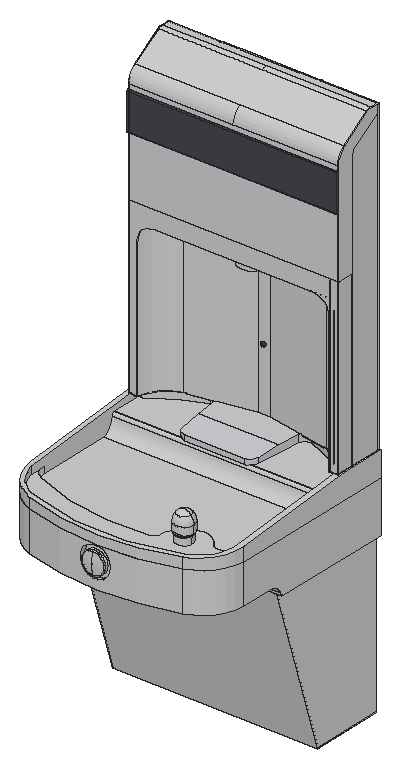
Revit family "Pro_Filtration_Vandal-Resistant_Connected_Bottle_Filling-Elkay-LVRC8WSPRO_FLP4_FSR5_UV_2FLP4_2FL10", category Plumbing Fixtures, Revit 2022
Family settings
  Round Connector Dimension = Use Diameter
  Part Type = Normal
  OmniClass Number = 23.65.70.14.11
  OmniClass Title = Drinking Fountains/Coolers
  Work Plane-Based = No
  Always vertical = Yes
  Cut with Voids When Loaded = No
  Maintain Annotation Orientation = No
  Shared = No
  Room Calculation Point = No
Parameters (values of type "LVRC8WSPRO-UV (Elkay Pro Filtration® Vandal-Resistant Connected Bottle Filling Station&Sgl ADA Cooler Refrig Ultra-Capacity Lead+UV Prtc SS)")
  Waste Connection = no
  Installation Location = "Indoor"  # constant formula
  Dimensions (L x W x H) = "18 3/8 inch x 19 inch x 46 7/8 inch"  # constant formula
  WFU = 0  # constant formula
  Voltage = 115 V
  URL = "https://www.elkay.com/us/en.html"
  Type Comments = ""
  Repair Parts URL = "https://www.elkayfiles.com/care-cleaning-install-warranty-sheets/2000002953.pdf"
  Product data URL = "https://www.bimobject.com/elkay/product/LVRC8WSPRO-UV"
  Product Weight (lbs) = 79
  Product Page URL = "https://www.elkay.com/products/drinking-water/bottle-filling-stations/on-wall/lvrc8wspro-uv"
  Product Installation Sheet URL = "https://www.elkayfiles.com/care-cleaning-install-warranty-sheets/2000002953.pdf"
  Product Documentation Link = "https://www.elkayfiles.com/spec-sheets/lvrc8wspro-uv_spec.pdf"
  Power Factor = 1
  Outlet Connection Size (inch) = (Connector Outlet B)  # 1.250"
  Number of Poles = 1
  Modified Date = ""
  Model = "LVRC8WSPRO-UV"
  Material_Wrapper = Finish-Elkay-Steel
  Material_Shroud = Finish-Elkay-Steel
  Material_Display = Finish-Elkay-Midnight Black
  Material_Bubbler = Finish-Elkay-Steel
  Material_Bottle Filler = Finish-Elkay-Steel
  Material_Basin = Finish-Elkay-Steel
  Masking Arc Radius = 21.000"
  Manufacturer Brand = "Elkay (by Zurn Elkay Water Solutions)"  # constant formula
  Manufacturer = "Elkay Manufacturer Company"  # constant formula
  Main Material = Finish-Elkay-Steel
  Inlet Connection Size (inch) = (Connector Supply A)  # 0.375"
  HWFU = 0  # constant formula
  Description = "Elkay Pro Filtration® Vandal-Resistant Connected Bottle Filling Station&Sgl ADA Cooler Refrig Ultra-Capacity Lead+UV Prtc SS"
  Default Elevation = 0.000"
  Date Created = "01/20/2026"  # constant formula
  Current = 0 A
  Connector Supply A = 0.375"
  Connector Outlet B = 1.250"
  Chilling Capacity (GPH) = 8  # constant formula
  CWFU = 0  # constant formula
  CW Connection = no
  Assembly Code = "D2010810"
  Approx. Shipping Weight (lbs) = 84
  Activation Method = "Electronic Bottle Filler Sensor with Mechanical Front Bubbler Button\r"  # constant formula
Reference planes (in)
  plane 1 "Center (Front/Back)": y = 0
  plane 2: z = 0
  plane 3 "Center (Left/Right)": x = 0
  plane 4: z = 13.72819
  plane 5: z = 20.28134
  plane 6: y = -16.15
  plane 7: x = -3.875
  plane 8: z = 18.72819
  plane 9: y = -3.50315
  plane 10: y = -7.23664
  plane 11: x = -9.2126
  plane 12: x = 9.2126
  plane 13: z = 9.375
  plane 14: x = -3.875
  plane 15: z = 6.5
  plane 16: x = -2
  plane 17: z = 4.9375
  plane 18: x = -5.75
  plane 19: x = 5.2926
  plane 20: y = -6.24243
  plane 21: z = -12.5
  plane 22: z = -12.5
  plane 23: z = 46.875
Forms (in)
  Extrusion 1, solid, material "Tansparent-Elkay-Glass"
    sketch origin (0, 0, 0) x (1, 0, 0) y (0, 0, 1)
      loop
        circle (-3.875, 9.375) r 0.625
    from 0.03937 to 0
  Extrusion 2, solid, material "Tansparent-Elkay-Glass"
    sketch origin (0, 0, 0) x (1, 0, 0) y (0, 0, 1)
      loop
        circle (-2, 6.5) r 0.1875
    from 0 to 0.03937
Lines and regions (in)
  Masking region 1
    outline origin (0, 0, 0) x (1, 0, 0) y (0, 1, 0)
      loop
        line (-9.2126, 0) -> (-9.2126, -17.02401)
        arc (-9.2126, -17.02401) -> (-5.21189, -18.4984) -> (-0.99583, -19.13432) r 21
        line (-0.99583, -19.13432) -> (-0.99583, -19.4111) -> (1.00417, -19.4111) -> (1.00417, -19.13391)
        arc (1.00417, -19.13391) -> (5.21593, -18.49736) -> (9.2126, -17.02401) r 21
        line (9.2126, -17.02401) -> (9.2126, 0) -> (-9.2126, 0)
  Masking region 2, detail levels fine
    outline origin (0, 0, 0) x (1, 0, 0) y (0, 1, 0)
      loop
        line (-9, 0) -> (-9, -4.3) -> (9, -4.3) -> (9, 0) -> (-9, 0)
      loop
        circle (4.90979, -15.68125) r 0.83542
      loop
        arc (-7.8811, -15.02955) -> (-8.50923, -14.48521) -> (-8.73765, -13.68603) r 1.45741
        arc (-8.73765, -13.68603) -> (-8.80594, -14.35864) -> (-8.74016, -15.0315) r 3.40892
        arc (-8.74016, -15.0315) -> (-7.94266, -16.63226) -> (-6.44451, -17.609) r 3.40892
        arc (-6.44451, -17.609) -> (-0.04079, -18.62542) -> (6.36792, -17.6409) r 21.01047
        arc (6.36792, -17.6409) -> (8.30288, -16.16261) -> (8.7313, -13.76555) r 3.36021
        arc (8.7313, -13.76555) -> (8.49181, -14.53243) -> (7.87516, -15.04739) r 1.42305
        arc (7.87516, -15.04739) -> (7.72264, -15.11543) -> (7.56953, -15.18212) r 18.80058
        arc (7.56953, -15.18212) -> (7.15088, -15.20041) -> (6.82549, -14.93634) r 0.59055
        arc (6.82549, -14.93634) -> (4.63653, -14.04805) -> (3.22875, -15.9451) r 1.92913
        arc (3.22875, -15.9451) -> (3.08834, -16.33964) -> (2.72163, -16.54187) r 0.59055
        arc (2.72163, -16.54187) -> (-2.68754, -16.54148) -> (-7.8811, -15.02955) r 19.1631
  symbolic lines, detail levels fine
    curve 1: line (-8.74016, -13.68603, 0) -> (-8.74016, -4.3, 0)
    curve 2: line (8.74016, -13.76555, 0) -> (8.74016, -4.26555, 0)
Dimensions and locks (in)
  locked: plane 4 to plane 2 at 13.72819
  locked: plane 5 to plane 4 at 6.55315
  locked: plane 6 to plane 1 "Center (Front/Back)" at 16.15
  locked: plane 7 to plane 3 "Center (Left/Right)" at 3.875
  locked: plane 5 to plane 8 at 1.55315
  locked: plane 9 to plane 1 "Center (Front/Back)" at 3.50315
  locked: plane 9 to plane 10 at 3.73349
  equal spacing: plane 11, plane 3 "Center (Left/Right)", plane 12
  locked: plane 11 to plane 12 at 18.4252
  locked: plane 13 to plane 2 at 9.375
  locked: plane 3 "Center (Left/Right)" to plane 14 at 3.875
  locked: plane 15 to plane 2 at 6.5
  locked: plane 3 "Center (Left/Right)" to plane 16 at 2
  locked: plane 3 "Center (Left/Right)" to plane 18 at 5.75
  locked: plane 17 to plane 2 at 4.9375
  locked: plane 6 to Masking region 1 sketch curve at 0.87401
  locked: plane 6 to Masking region 1 sketch curve at 2.98432
  locked: plane 9 to plane 20 at 2.73928
  locked: plane 19 to plane 12 at 3.92
  locked: plane 13 to plane 21 at 21.875
  locked: Masking region 2 sketch curve to plane 6 at 0.46875
  locked: Masking region 2 sketch curve to plane 19 at 0.38281
  locked: plane 15 to plane 22 at 19
  locked: nested 4 to plane 19 at 0.37429
  locked: plane 6 to nested 4 at 0.46898
  locked: plane 23 to level at 46.875
  locked: Masking region 1 sketch curve to plane 3 "Center (Left/Right)" at 0.99583
  locked: Masking region 1 sketch curve to plane 3 "Center (Left/Right)" at 0.01199
  locked: plane 3 "Center (Left/Right)" to Masking region 1 sketch curve at 1.00417
  locked: Masking region 1 sketch curve to Masking region 1 sketch curve at 0.27679
  locked: Masking region 1 sketch curve to Masking region 1 sketch curve at 0.27719
  locked: Masking region 1 sketch curve to Masking region 1 sketch curve at 2.10991
  locked: Masking region 2 sketch curve to Masking region 2 sketch curve  (x4)
  locked: Masking region 2 sketch curve to plane 18 at 1.53032
  locked: plane 18 to Masking region 2 sketch curve at 0.35297
  locked: Masking region 2 sketch curve to Masking region 2 sketch curve at 0.66327
  locked: plane 11 to Masking region 2 sketch curve at 0.47244
  locked: plane 11 to Masking region 2 sketch curve at 0.47495
  locked: plane 11 to curve 1 at 0.47244
  locked: plane 6 to curve 2 at 2.38445
  locked: plane 19 to curve 2 at 3.44756
  locked: plane 6 to curve 1 at 2.46397
  locked: curve 1 to plane 9 at 0.79685
  locked: curve 2 to plane 9 at 0.7624
  "Connector Outlet B": diameter of Extrusion 1 sketch curve
  "Connector Supply A": diameter of Extrusion 2 sketch curve
  "Masking Arc Radius": radius of Masking region 1 sketch curve
  aligned and locked: level to plane 2
  aligned and locked: plane 1 "Center (Front/Back)" to nested 1
  aligned and locked: plane 3 "Center (Left/Right)" to nested 1
  aligned and locked: nested 1 to plane 2
  aligned and locked: plane 1 "Center (Front/Back)" to nested 2
  aligned and locked: nested 2 to plane 4
  aligned and locked: plane 3 "Center (Left/Right)" to nested 3
  aligned and locked: plane 3 "Center (Left/Right)" to nested 2
  aligned and locked: Masking region 1 sketch curve to plane 11
  aligned and locked: Masking region 1 sketch curve to plane 1 "Center (Front/Back)"
  aligned and locked: Masking region 1 sketch curve to plane 12
  aligned and locked: plane 7 to Extrusion 1 sketch curve
  aligned and locked: plane 13 to Extrusion 1 sketch curve
  aligned and locked: Extrusion 1 to plane 1 "Center (Front/Back)"
  aligned and locked: Extrusion 1 to nested 1
  aligned and locked: plane 16 to Extrusion 2 sketch curve
  aligned and locked: plane 15 to Extrusion 2 sketch curve
  aligned and locked: Extrusion 2 to plane 1 "Center (Front/Back)"
  aligned and locked: nested 1 to Extrusion 2
  aligned and locked: plane 1 "Center (Front/Back)" to Masking region 2 sketch curve
  aligned and locked: nested 2 to plane 5
  aligned and locked: nested 3 to plane 1 "Center (Front/Back)"
  aligned and locked: Masking region 2 sketch curve to nested 3  (x2)
  aligned and locked: plane 8 to nested 4
  aligned and locked: plane 23 to nested 3
  aligned and locked: Masking region 2 sketch curve to nested 2  (x8)
  aligned and locked: nested 2 to curve 1
  aligned and locked: nested 2 to curve 2
  aligned and locked: nested 3 to Masking region 2 sketch curve
Automatic sketch dimensions
  radius of Masking region 2 sketch curve = 0.83542"
Nested families (in)
  nested 1: "wrapper" at (0, 0, 13.72819), Main Material <- "Main Material", Material_Wrapper <- "Material_Wrapper", type "Wrapper"
    with Material_Wrapper Finish-Elkay-Steel, Main Material Finish-Elkay-Steel
  nested 2: "Basin" at (0, 0, 13.8778), Main Material <- "Main Material", Material_Basin <- "Material_Basin", Material_Bubbler <- "Material_Bubbler", Material_Shroud <- "Material_Shroud", type "Basin"
    with Material_Shroud Finish-Elkay-Steel, Material_Bubbler Finish-Elkay-Steel, Material_Basin Finish-Elkay-Steel, Main Material Finish-Elkay-Steel
  nested 3: "Bottle filler" at (0, -4.3, 20.188), Main Material <- "Main Material", Material_Bottle Filler <- "Material_Bottle Filler", Material_Display <- "Material_Display", Material_Alcove <- "Main Material", type "Bottle Filler"
    with Material_Display Finish-Elkay-Midnight Black, Material_Bottle Filler Finish-Elkay-Steel, Material_Alcove Finish-Elkay-Steel, Main Material Finish-Elkay-Steel
  nested 4: "bublber" at (4.91831, -15.68102, 18.72819), type "bublber"
    with material Elkay-Stainless Steel
Connectors (in)
  piping at (-3.875, 0, 9.375), diameter 1.25, driven by "Connector Outlet B", driven by "Waste Connection"
    settings: on Extrusion 1, index 1, connector inside diameter 24", connector length 0.000", flow factor 0, pipe flow 0 GPM, pressure drop 0.00 psi, fitting loss kfactor 0, connector angle 0.00°, fixture units 0, engagement length 0.000", angle of deflection 0.00°, flow configuration 0, flow direction 2, fitting loss method 0, system type 16, joint type 0, gender type 0, connector reference index -1, connector utility 0, adjustable connector no, is connector primary yes, connector description "Water Outlet"
  piping at (-2, -0.03937, 6.5), diameter 0.375, driven by "Connector Supply A", driven by "CW Connection"
    settings: on Extrusion 2, index 2, connector inside diameter 24", connector length 0.000", flow factor 0, pipe flow 0 GPM, pressure drop 0.00 psi, fitting loss kfactor 0, connector angle 0.00°, fixture units 0, engagement length 0.000", angle of deflection 0.00°, flow configuration 0, flow direction 1, fitting loss method 0, system type 20, joint type 0, gender type 0, connector reference index -1, connector utility 0, adjustable connector no, is connector primary no, connector description "Water Inlet"
  electrical at (-5.73689, 0, 4.94308), driven by "Power Factor", driven by "Voltage", driven by "Number of Poles"
    settings: on plane 1 "Center (Front/Back)", index 3, voltage 115 V, apparent load 0 VA, apparent load phase1 0 VA, apparent load phase2 0 VA, apparent load phase3 0 VA, power factor 1, load classification "Power", number of poles 1, system type 30, power factor state 1, is connector primary yes, connector utility no, sub classification motor no, connector description "GFCI Receptacle"
Definition of nested family "wrapper"
  Parameters (values of type "Wrapper")
    Thickness = 0.03937"
    Repair Parts URL = ""
    Product data URL = ""
    Product Weight (lbs) = 0
    Product Page URL = ""
    Product Installation Sheet URL = ""
    Product Documentation Link = ""
    Operating Water Pressure (PSI) = ""
    Modified Date = ""
    Max Working Water Temperature = -459.67 °F
    Material_Wrapper [instance] = none
    Manufacturer Brand = ""
    Main Material [instance] = none
    Inlet Connection Size (inch) = 0.000"
    Flush Rate (GPF) = ""
    Flow Rate (GPM) = 0 GPM
    Default Elevation = 0.000"
    Date Created = ""
    Angle = 107.585°
    Aerator Flow Rate (GPM) = 0.0 gal
    Activation Method = ""
  Reference planes (in)
    plane 1 "Center (Front/Back)": y = 0
    plane 2: z = 0
    plane 3 "Center (Left/Right)": x = 0
    plane 4: x = 8.79
    plane 5: x = -8.79
    plane 6: x = 8.75063
    plane 7: x = -8.75063
    plane 8: y = -6.21053
    plane 9: z = -13.72819
    plane 10: z = -13.68882
    plane 11: y = -10.59342
    plane 12: x = -8.31795
    plane 13: x = 8.31756
    plane 14: y = -0.03937
  Forms (in)
    Sweep 1, solid, material <- "Material_Wrapper", detail levels fine
      path origin (0, 0, 0) x (1, 0, 0) y (0, 1, 0)
        loop
          line (-8.79, -6.21053) -> (8.79, -6.21053)
      profile origin (0, -6.21053, 0) x (0, 1, 0) y (0, 0, 1)
        loop
          line (-4.3829, 0) -> (-0.0319, -13.72819) -> (0.0094, -13.72819) -> (-4.3416, 0) -> (-4.3829, 0)
    Extrusion 2, solid, material <- "Material_Wrapper", detail levels fine
      sketch origin (0, 0, 0) x (0, 1, 0) y (0, 0, 1)
        loop
          line (-10.59342, 0) -> (-6.24243, -13.72819) -> (0, -13.72819) -> (0, 0) -> (-10.59342, 0)
      from 8.75063 to 8.79
    Extrusion 3, solid, material <- "Material_Wrapper", detail levels fine
      sketch origin (0, 0, 0) x (0, 1, 0) y (0, 0, 1)
        loop
          line (-10.59342, 0) -> (-6.24243, -13.72819) -> (0, -13.72819) -> (0, 0) -> (-10.59342, 0)
      from -8.75063 to -8.79
    Sweep 4, solid, material <- "Material_Wrapper", detail levels fine
      path origin (0, -6.24243, -13.72819) x (1, 0, 0) y (0, 1, 0)
        loop
          line (8.79, 6.24243) -> (8.79, 0.0319) -> (-8.79, 0.0319) -> (-8.79, 6.24243)
      profile origin (-8.79, -3.10526, -13.72819) x (-1, 0, 0) y (0, 0, 1)
        loop
          line (0, 0) -> (0, 0.03937) -> (-0.47205, 0.03937) -> (-0.47205, 0) -> (0, 0)
    Extrusion 5, solid, material <- "Material_Wrapper", detail levels fine
      sketch origin (0, 0, 0) x (1, 0, 0) y (0, 0, 1)
        loop
          line (-8.79, 0) -> (-8.79, -13.72819) -> (-8.31795, -13.72819) -> (-8.31795, 0) -> (-8.79, 0)
        loop
          line (8.31756, 0) -> (8.31756, -13.72819) -> (8.79, -13.72819) -> (8.79, 0) -> (8.31756, 0)
      from 0 to 0.03937
    Sweep 6, solid, material <- "Material_Wrapper", detail levels coarse+medium
      path origin (0, 0, 0) x (1, 0, 0) y (0, 1, 0)
        loop
          line (-8.79, -10.59342) -> (8.79, -10.59342)
      profile origin (0, -10.59342, 0) x (0, 1, 0) y (0, 0, 1)
        loop
          line (0, 0) -> (4.351, -13.72819) -> (10.59342, -13.72819) -> (10.59342, 0) -> (0, 0)
  Cuts and joins
    joined: Sweep 1, Extrusion 2, Extrusion 3, Extrusion 5
  Dimensions and locks (in)
    equal spacing: plane 5, plane 3 "Center (Left/Right)", plane 4
    plane 3 "Center (Left/Right)" to plane 4 = 8.790"
    locked: plane 5 to plane 4 at 17.58
    "Thickness": plane 6 to plane 4
    "Thickness": plane 5 to plane 7
    locked: plane 8 to plane 1 "Center (Front/Back)" at 6.21053
    locked: plane 2 to plane 9 at 13.72819
    locked: plane 11 to plane 1 "Center (Front/Back)" at 10.59342
    locked: plane 5 to plane 12 at 0.47205
    locked: plane 13 to plane 4 at 0.47244
    "Thickness": plane 9 to plane 10
    "Thickness": plane 14 to plane 1 "Center (Front/Back)"
    "Angle": angle Extrusion 2 sketch curve to Sweep 1
    "Angle": angle Extrusion 2 to Extrusion 3 sketch curve
    "Angle": angle Sweep 6 sketch curve to Sweep 6 sketch curve
    aligned and locked: level to plane 2
    aligned and locked: Extrusion 2 sketch curve to plane 1 "Center (Front/Back)"
    aligned and locked: Extrusion 2 sketch curve to plane 2
    aligned and locked: Extrusion 2 sketch curve to plane 9
    aligned and locked: plane 4 to Extrusion 2
    aligned and locked: Extrusion 2 to plane 6
    aligned and locked: Extrusion 3 sketch curve to level
    aligned and locked: Extrusion 3 sketch curve to plane 1 "Center (Front/Back)"
    aligned and locked: Extrusion 3 sketch curve to plane 9
    aligned and locked: plane 7 to Extrusion 3
    aligned and locked: Extrusion 3 to plane 5
    aligned and locked: Extrusion 2 sketch curve to Sweep 1
    aligned and locked: Extrusion 3 sketch curve to Sweep 1
    aligned and locked: plane 8 to Sweep 4 sketch curve
    aligned and locked: plane 1 "Center (Front/Back)" to Sweep 4 sketch curve  (x2)
    aligned and locked: plane 10 to Sweep 4 sketch curve
    aligned and locked: Sweep 4 sketch curve to plane 12
    aligned and locked: Sweep 1 sketch curve to plane 8
    aligned and locked: plane 5 to Sweep 1 sketch curve
    aligned and locked: plane 4 to Sweep 1 sketch curve
    aligned and locked: plane 5 to Extrusion 5 sketch curve
    aligned and locked: Extrusion 5 sketch curve to plane 2  (x2)
    aligned and locked: plane 12 to Extrusion 5 sketch curve
    aligned and locked: Extrusion 5 sketch curve to plane 9  (x2)
    aligned and locked: Extrusion 5 sketch curve to plane 4
    aligned and locked: plane 13 to Extrusion 5 sketch curve
    aligned and locked: Extrusion 5 to plane 14
    aligned and locked: Extrusion 5 to plane 1 "Center (Front/Back)"
    aligned and locked: plane 5 to Sweep 6 sketch curve
    aligned and locked: plane 4 to Sweep 6 sketch curve
    aligned and locked: plane 11 to Sweep 6 sketch curve  (x2)
    aligned and locked: Sweep 6 sketch curve to plane 9
    aligned and locked: Sweep 6 sketch curve to plane 2
    aligned and locked: Sweep 6 sketch curve to plane 1 "Center (Front/Back)"
  Automatic sketch dimensions
    Sweep 1 sketch curve to level = 0.000"
    profile plane to Sweep 1 sketch curve = 0.0319"
    profile plane to Sweep 1 sketch curve = 4.3416"
    Sweep 1 sketch curve to Sweep 1 sketch curve = 0.0413"
    Sweep 1 sketch curve to profile plane = 0.0094"
    Sweep 1 sketch curve to level = 13.72819"
    Sweep 4 sketch curve to plane 5 = 0.000"
    Sweep 4 sketch curve to plane 4 = 0.000"
    Sweep 4 sketch curve to plane 9 = 0.000"
    Sweep 4 sketch curve to profile plane = 0.000"
Definition of nested family "Basin"
  Parameters (values of type "Basin")
    Side Panel Radius = 1.10236"
    Repair Parts URL = ""
    Product data URL = ""
    Product Page URL = ""
    Product Installation Sheet URL = ""
    Product Documentation Link = ""
    Modified Date = ""
    Material_Shroud [instance] = none
    Material_Bubbler [instance] = none
    Material_Basin [instance] = none
    Manufacturer Brand = ""
    Main Material [instance] = none
    Front Cut = 21.48291"
    Flow Rate (GPM) = 0 GPM
    Default Elevation = 0.000"
    Date Created = ""
    B1 = 0.98425"
    Angle1 = 107.585°
    A2 = 3.79892"
    A1 = 3.84199"
  Reference planes (in)
    plane 1 "Center (Front/Back)": y = 0
    plane 2: z = -0.14961
    plane 3 "Center (Left/Right)": x = 0
    plane 4: z = 4.2874
    plane 5: z = 0.85039
    plane 6: y = -19.01181
    plane 7: y = -15.0315
    plane 8: z = 1.66142
    plane 9: z = 3.86614
    plane 10: y = -14.84252
    plane 11: y = -13.73622
    plane 12: y = -19.09449
    plane 13: x = 3.96654
    plane 14: x = -3.96654
    plane 15: x = 9
    plane 16: z = 6.40354
    plane 17: y = -3.70945
    plane 18 "Top": z = 12.23412
    plane 19: x = -8.74016
    plane 20: x = 8.74016
    plane 21: x = -3.07087
    plane 22: x = 3.07087
    plane 23: y = -6.23543
    plane 24: x = 4.79331
    plane 25: y = -15.68102
    plane 26: x = -9
    plane 27: x = 9
    plane 28: x = -9.04
    plane 29: x = 9.2275
    plane 30: x = -9.1875
    plane 31: x = 9.1875
  Forms (in)
    Extrusion 1, solid, material <- "Main Material", detail levels fine
      sketch origin (0, 0, -0.14961) x (1, 0, 0) y (0, 1, 0)
        loop
          line (-9.1875, 0) -> (-9.1875, -14.38686)
          arc (-9.1875, -14.38686) -> (-8.38427, -16.62617) -> (-6.44385, -18.00257) r 3.9647
          arc (-6.44385, -18.00257) -> (0.0867, -19.01822) -> (6.60962, -17.95469) r 21.00795
          arc (6.60962, -17.95469) -> (8.39962, -16.693) -> (9.1875, -14.64967) r 3.77365
          line (9.1875, -14.64967) -> (9.1875, 0) -> (-9.1875, 0)
      from 0 to 4.43701
    Extrusion 2, void
      sketch origin (0, 0, 0) x (0, -1, 0) y (0, 0, 1)
        loop
          line (20.07874, 0.85039) -> (11.63092, 0.85039)
          arc (11.63092, 0.85039) -> (11.04951, 0.66032) -> (10.69266, 0.16351) r 0.98425
          line (10.69266, 0.16351) -> (10.21909, -1.33071) -> (20.07874, -1.33071) -> (20.07874, 0.85039)
      from -9.2126 to 9.2126
    Extrusion 3, solid, material <- "Main Material", detail levels fine
      sketch origin (0, -20.5709, 6.40354) x (0, -1, 0) y (1, 0, 0)
        loop
          line (-20.5709, 9.1875) -> (-20.5709, -9.1875) -> (-6.18404, -9.1875)
          arc (-6.18404, -9.1875) -> (-3.94473, -8.38427) -> (-2.56834, -6.44385) r 3.9647
          arc (-2.56834, -6.44385) -> (-1.55269, 0.0867) -> (-2.61622, 6.60962) r 21.00795
          arc (-2.61622, 6.60962) -> (-3.87791, 8.39962) -> (-5.92124, 9.1875) r 3.77365
          line (-5.92124, 9.1875) -> (-20.5709, 9.1875)
      from -2.11614 to 0
    Extrusion 4, void
      sketch origin (0, 0, 0) x (0, -1, 0) y (0, 0, 1)
        loop
          line (19.09449, 6.40354) -> (3.70945, 6.40354) -> (19.09449, 5.05753) -> (19.09449, 6.40354)
      from -9.2126 to 9.2126
    Sweep 5, void
      path origin (0.72234, 0, 2.88484) x (1, 0, 0) y (0, 0, 1)
        loop
          line (0, 3.5187) -> (0, 1.40256)
      profile origin (0.72234, 0, 5.34547) x (0, -1, 0) y (1, 0, 0)
        loop
          line (3.54461, -9.4625) -> (15.0315, -9.4625)
          arc (15.0315, -9.4625) -> (16.63226, -8.665) -> (17.609, -7.16685) r 3.40892
          arc (17.609, -7.16685) -> (18.62548, -0.71082) -> (17.609, 5.74522) r 21.01047
          arc (17.609, 5.74522) -> (16.63294, 7.23478) -> (15.03347, 8.01781) r 3.36585
          line (15.03347, 8.01781) -> (3.54461, 8.01781) -> (3.54461, 7.67034)
          arc (3.54461, 7.67034) -> (2.26281, 5.75244) -> (1.32819, 3.64345) r 13.42782
          arc (1.32819, 3.64345) -> (1.39145, 3.1297) -> (1.83518, 2.86314) r 0.59055
          line (1.83518, 2.86314) -> (5.62999, 2.53114)
          arc (5.62999, 2.53114) -> (6.09071, 2.30394) -> (6.27689, 1.82518) r 0.70866
          line (6.27689, 1.82518) -> (6.27689, -0.72234) -> (6.27689, -3.26986)
          arc (6.27689, -3.26986) -> (6.09071, -3.74863) -> (5.62999, -3.97583) r 0.70866
          line (5.62999, -3.97583) -> (1.83518, -4.30783)
          arc (1.83518, -4.30783) -> (1.39145, -4.57438) -> (1.32819, -5.08814) r 0.59055
          arc (1.32819, -5.08814) -> (2.26281, -7.19713) -> (3.54461, -9.11503) r 13.42782
          line (3.54461, -9.11503) -> (3.54461, -9.4625)
    Sweep 6, solid, material <- "Main Material", detail levels fine
      path origin (0, 0, 0) x (1, 0, 0) y (0, 0, 1)
        loop
          line (0, 5.83465) -> (0, 3.86614)
      profile origin (0, 0, 4.85039) x (0, -1, 0) y (1, 0, 0)
        loop
          line (6.17285, -8.74016) -> (6.17285, 8.74016) -> (3.50315, 8.74016) -> (3.50315, 8.39268)
          arc (3.50315, 8.39268) -> (2.22135, 6.47479) -> (1.28673, 4.3658) r 13.42782
          arc (1.28673, 4.3658) -> (1.34999, 3.85204) -> (1.79372, 3.58549) r 0.59055
          line (1.79372, 3.58549) -> (5.44903, 3.26569) -> (5.44903, -3.26569) -> (1.79372, -3.58549)
          arc (1.79372, -3.58549) -> (1.34999, -3.85204) -> (1.28673, -4.3658) r 0.59055
          arc (1.28673, -4.3658) -> (2.22135, -6.47479) -> (3.50315, -8.39268) r 13.42782
          line (3.50315, -8.39268) -> (3.50315, -8.74016) -> (6.17285, -8.74016)
    Sweep 7, solid, material <- "Main Material", detail levels fine
      path origin (0, 0, 0) x (1, 0, 0) y (0, 0, 1)
        loop
          line (0, 3.86614) -> (0, 4.85039)
      profile origin (0, 0, 4.35827) x (-1, 0, 0) y (0, -1, 0)
        loop
          arc (8.73765, 13.68603) -> (8.34018, 16.08505) -> (6.44508, 17.60881) r 3.40892
          arc (6.44508, 17.60881) -> (-0.01037, 18.6263) -> (-6.46613, 17.61085) r 21.00795
          arc (-6.46613, 17.61085) -> (-8.32928, 16.11856) -> (-8.7313, 13.76555) r 3.36021
          arc (-8.7313, 13.76555) -> (-8.49181, 14.53243) -> (-7.87516, 15.04739) r 1.42305
          arc (-7.87516, 15.04739) -> (-7.72264, 15.11543) -> (-7.56953, 15.18212) r 18.80058
          arc (-7.56953, 15.18212) -> (-7.15088, 15.20041) -> (-6.82549, 14.93634) r 0.59055
          arc (-6.82549, 14.93634) -> (-4.63653, 14.04805) -> (-3.22875, 15.9451) r 1.92913
          arc (-3.22875, 15.9451) -> (-3.08834, 16.33964) -> (-2.72163, 16.54187) r 0.59055
          arc (-2.72163, 16.54187) -> (2.68754, 16.54148) -> (7.8811, 15.02955) r 19.1631
          arc (7.8811, 15.02955) -> (8.50923, 14.48521) -> (8.73765, 13.68603) r 1.45741
    Sweep 8, solid, material <- "Main Material", detail levels fine
      path origin (0, -26.04415, 4.2874) x (0, -1, 0) y (1, 0, 0)
        loop
          line (-19.80872, -8.74016) -> (-19.80872, 8.74016)
      profile origin (0, -6.23543, 4.2874) x (0, 1, 0) y (0, 0, 1)
        loop
          arc (0.06259, 1.54724) -> (-0.08829, 1.41209) -> (-0.16047, 1.22282) r 0.42957
          arc (-0.16047, 1.22282) -> (-0.4325, 0.50943) -> (-1.0012, 0) r 1.61917
          line (-1.0012, 0) -> (0.06259, 0) -> (0.06259, 1.54724)
    Extrusion 9, solid, material <- "Main Material", detail levels coarse+medium
      sketch origin (0, -20.5709, 6.40354) x (0, -1, 0) y (1, 0, 0)
        loop
          line (-20.5709, -9.1875) -> (-1.47641, -9.1875) -> (-1.47641, 9.1875) -> (-20.5709, 9.1875) -> (-20.5709, -9.1875)
      from -6.55315 to 0
    Revolve 10, solid, material <- "Main Material"
      sketch origin (0, 0, 0) x (0, 1, 0) y (0, 0, 1)
        loop
          line (-18.97869, 1.9691) -> (-18.97869, 2.9541) -> (-19.35477, 2.9541) -> (-19.35477, 2.89229) -> (-19.39487, 2.89229)
          arc (-19.39487, 2.89229) -> (-19.35185, 2.45946) -> (-19.28204, 2.03013) r 7
          arc (-19.28204, 2.03013) -> (-19.25596, 1.98632) -> (-19.20798, 1.9691) r 0.07545
          line (-19.20798, 1.9691) -> (-18.97869, 1.9691)
        axis (-18.97869, 2.9541) -> (-19.39487, 2.9541)
      angle from 0 to 360
    Extrusion 11, void
      sketch origin (0, 0, 0) x (-1, 0, 0) y (0, 0, 1)
        loop
          circle (0, 2.9541) r 1.3
      from -27.07292 to -18.62077
  Cuts and joins
    Extrusion 2, Extrusion 11 cuts Extrusion 1
    Extrusion 4, Sweep 5 cuts Extrusion 3
    Extrusion 11 cuts Extrusion 9
  Dimensions and locks (in)
    locked: plane 4 to plane 2 at 4.43701
    locked: plane 5 to plane 2 at 1
    locked: plane 6 to plane 1 "Center (Front/Back)" at 19.01181
    locked: plane 7 to plane 1 "Center (Front/Back)" at 15.0315
    locked: Extrusion 2 sketch curve to plane 6 at 1.06693
    locked: Extrusion 2 sketch curve to plane 2 at 1
    locked: plane 2 to Extrusion 2 sketch curve at 1.1811
    locked: plane 8 to plane 2 at 1.81102
    locked: plane 9 to plane 8 at 2.20472
    locked: plane 11 to plane 1 "Center (Front/Back)" at 13.73622
    locked: plane 10 to plane 1 "Center (Front/Back)" at 14.84252
    locked: plane 12 to plane 1 "Center (Front/Back)" at 19.09449
    equal spacing: plane 13, plane 3 "Center (Left/Right)", plane 14, locked at 3.96654 each
    locked: plane 13 to plane 14 at 7.93307
    plane 3 "Center (Left/Right)" to plane 14 = 3.96654"
    locked: plane 16 to plane 4 at 2.11614
    locked: plane 17 to plane 1 "Center (Front/Back)" at 3.70945
    locked: plane 18 "Top" to plane 16 at 5.83057
    locked: plane 23 to plane 1 "Center (Front/Back)" at 6.23543
    locked: plane 16 to Sweep 6 sketch curve at 0.5689
    locked: Sweep 7 sketch curve to plane 16 at 1.55315
    locked: plane 16 to Extrusion 4 sketch curve at 1.34602
    locked: plane 6 to Extrusion 2 sketch curve at 8.79272
    locked: plane 24 to plane 15 at 4.20669
    locked: plane 25 to plane 12 at 3.41347
    plane 26 to plane 3 "Center (Left/Right)" to plane 15 = 9.000" locked, 9.000" locked
    locked: plane 28 to plane 26 at 0.04
    Extrusion 9 to plane 29 = 0.040"
    locked: plane 9 to Extrusion 11 sketch curve at 0.91204
    locked: Revolve 10 sketch curve to Revolve 10 sketch curve at 0.43235
    plane 30 to plane 3 "Center (Left/Right)" = 9.1875"
    locked: plane 30 to plane 31 at 18.375
    "B1": radius of Extrusion 2 sketch curve
    aligned and locked: plane 2 to level
    aligned and locked: Extrusion 1 sketch curve to plane 1 "Center (Front/Back)"
    aligned and locked: plane 4 to Extrusion 1
    aligned and locked: Extrusion 1 to level
    aligned and locked: Extrusion 3 sketch curve to plane 1 "Center (Front/Back)"
    aligned and locked: Extrusion 3 to plane 4
    aligned and locked: plane 16 to Extrusion 3
    aligned and locked: Extrusion 3 to cut or joined group of Extrusion 1, Extrusion 2, Extrusion 11
    aligned and locked: plane 16 to Sweep 5 sketch curve
    aligned and locked: plane 4 to Sweep 5 sketch curve
    aligned and locked: plane 9 to Sweep 6 sketch curve
    aligned and locked: plane 9 to Sweep 7 sketch curve
    aligned and locked: plane 19 to Sweep 8 sketch curve
    aligned and locked: plane 20 to Sweep 8 sketch curve
    aligned and locked: Extrusion 4 sketch curve to plane 12
    aligned and locked: Extrusion 4 sketch curve to plane 16
    aligned and locked: Extrusion 9 to plane 2
    aligned and locked: plane 16 to Extrusion 9
    aligned and locked: plane 12 to Extrusion 9 sketch curve
    aligned and locked: plane 1 "Center (Front/Back)" to Extrusion 9 sketch curve
    aligned and locked: Sweep 7 sketch curve to cut or joined group of Extrusion 3, Extrusion 4, Sweep 5
    aligned and locked: plane 3 "Center (Left/Right)" to Extrusion 11 sketch curve
    aligned and locked: Extrusion 3 sketch curve to plane 30
    aligned and locked: plane 31 to Extrusion 3 sketch curve
    aligned and locked: Extrusion 1 sketch curve to plane 30
    aligned and locked: plane 31 to Extrusion 1 sketch curve
    aligned and locked: Extrusion 1 sketch curve to cut or joined group of Extrusion 3, Extrusion 4, Sweep 5  (x2)
    aligned and locked: plane 31 to Extrusion 9 sketch curve
    aligned and locked: plane 30 to Extrusion 9 sketch curve
  Automatic sketch dimensions
    level to Extrusion 2 sketch curve = 0.31312"
    plane 3 "Center (Left/Right)" to Sweep 5 sketch curve = 0.72234"
    Sweep 6 sketch curve to plane 3 "Center (Left/Right)" = 0.000"
    profile plane to Sweep 6 sketch curve = 8.74016"
    Sweep 7 sketch curve to plane 3 "Center (Left/Right)" = 0.000"
    Sweep 7 sketch curve to Sweep 7 sketch curve = 1.90204"
    Sweep 7 sketch curve to Sweep 7 sketch curve = 0.02767"
    profile plane to Sweep 7 sketch curve = 0.13855"
    profile plane to Sweep 7 sketch curve = 0.01841"
    Sweep 7 sketch curve to Sweep 7 sketch curve = 0.00473"
    Sweep 7 sketch curve to Sweep 7 sketch curve = 1.8833"
    Sweep 7 sketch curve to Sweep 7 sketch curve = 0.66327"
    Sweep 7 sketch curve to plane 1 "Center (Front/Back)" = 2.08757"
    Sweep 7 sketch curve to Sweep 7 sketch curve = 0.29407"
    Sweep 7 sketch curve to Sweep 7 sketch curve = 0.04797"
    Sweep 7 sketch curve to Sweep 7 sketch curve = 0.000"  (x6)
    Sweep 7 sketch curve to Sweep 7 sketch curve = 0.51062"
    Sweep 7 sketch curve to Sweep 7 sketch curve = 2.51915"
    Sweep 7 sketch curve to Sweep 7 sketch curve = 0.27659"
    Sweep 7 sketch curve to Sweep 7 sketch curve = 1.30865"
    Sweep 7 sketch curve to Sweep 7 sketch curve = 0.62295"
    Sweep 7 sketch curve to Sweep 7 sketch curve = 0.67102"
    Sweep 7 sketch curve to Sweep 7 sketch curve = 0.89761"
    Sweep 7 sketch curve to Sweep 7 sketch curve = 1.49245"
    Sweep 7 sketch curve to Sweep 7 sketch curve = 0.05171"
    Sweep 7 sketch curve to Sweep 7 sketch curve = 1.43603"
    Sweep 8 sketch curve to plane 23 = 0.000"
    Sweep 8 sketch curve to profile plane = 0.06259"
    Sweep 8 sketch curve to profile plane = 0.26569"
    Sweep 8 sketch curve to Sweep 8 sketch curve = 0.37853"
    Sweep 8 sketch curve to Sweep 8 sketch curve = 0.000"
    Sweep 8 sketch curve to plane 4 = 0.000"
    profile plane to Sweep 8 sketch curve = 1.0012"
    Sweep 8 sketch curve to Sweep 8 sketch curve = 0.76554"
    profile plane to Sweep 8 sketch curve = 0.16047"
    Sweep 5 sketch curve to Sweep 5 sketch curve = 0.000"  (x3)
    profile plane to Sweep 5 sketch curve = 0.72234"  (x2)
    profile plane to Sweep 5 sketch curve = 0.71082"
    Sweep 5 sketch curve to plane 1 "Center (Front/Back)" = 2.38499"
    plane 1 "Center (Front/Back)" to Sweep 5 sketch curve = 1.83518"  (x2)
    Sweep 5 sketch curve to Sweep 5 sketch curve = 0.05147"  (x2)
    plane 1 "Center (Front/Back)" to Sweep 5 sketch curve = 3.54461"  (x2)
    Sweep 5 sketch curve to Sweep 5 sketch curve = 3.73305"
    profile plane to Sweep 5 sketch curve = 3.97583"
    Sweep 5 sketch curve to Sweep 5 sketch curve = 0.06176"  (x2)
    Sweep 5 sketch curve to profile plane = 2.53114"
    Sweep 5 sketch curve to Sweep 5 sketch curve = 7.74957"
    Sweep 5 sketch curve to Sweep 5 sketch curve = 0.33854"
    Sweep 5 sketch curve to Sweep 5 sketch curve = 0.37953"
    Sweep 5 sketch curve to Sweep 5 sketch curve = 0.6665"
    Sweep 5 sketch curve to Sweep 5 sketch curve = 0.62748"
    profile plane to Sweep 5 sketch curve = 6.11937"
    Sweep 5 sketch curve to Sweep 5 sketch curve = 4.21889"  (x2)
    Sweep 5 sketch curve to Sweep 5 sketch curve = 0.34747"  (x2)
    Sweep 5 sketch curve to Sweep 5 sketch curve = 0.5883"
    Sweep 5 sketch curve to profile plane = 4.71098"
    Sweep 5 sketch curve to Sweep 5 sketch curve = 0.70866"
    profile plane to Sweep 6 sketch curve = 3.26569"
    Sweep 6 sketch curve to Sweep 6 sketch curve = 0.72381"
    Sweep 6 sketch curve to Sweep 6 sketch curve = 5.47447"
    plane 1 "Center (Front/Back)" to Sweep 6 sketch curve = 5.44903"
    Sweep 6 sketch curve to Sweep 6 sketch curve = 0.000"  (x2)
    Sweep 6 sketch curve to profile plane = 0.000"
    Sweep 6 sketch curve to Sweep 6 sketch curve = 2.6697"  (x2)
    plane 1 "Center (Front/Back)" to Sweep 6 sketch curve = 1.84519"  (x2)
    Sweep 6 sketch curve to Sweep 6 sketch curve = 0.05147"  (x2)
    Sweep 6 sketch curve to profile plane = 3.26569"
    Sweep 6 sketch curve to Sweep 6 sketch curve = 0.34747"  (x2)
    Sweep 6 sketch curve to Sweep 6 sketch curve = 0.9081"
    Sweep 6 sketch curve to Sweep 6 sketch curve = 0.5883"  (x2)
    Sweep 6 sketch curve to profile plane = 3.58549"
    Sweep 6 sketch curve to Sweep 6 sketch curve = 8.53597"
    Extrusion 4 sketch curve to plane 17 = 0.000"
    Sweep 7 sketch curve to Sweep 7 sketch curve = 0.30563"
    Revolve 10 sketch curve to plane 12 = 0.30038"
    Revolve 10 sketch curve to Revolve 10 sketch curve = 0.0401"
    Revolve 10 sketch curve to Revolve 10 sketch curve = 0.1468"
    Revolve 10 sketch curve to Revolve 10 sketch curve = 0.37608"
    plane 11 to Revolve 10 sketch curve = 1.32518"
    plane 8 to Revolve 10 sketch curve = 0.30768"
    Revolve 10 sketch curve to Revolve 10 sketch curve = 0.07545"
    Revolve 10 sketch curve to Revolve 10 sketch curve = 0.84775"
    Revolve 10 sketch curve to Revolve 10 sketch curve = 0.06181"  (x2)
    Revolve 10 sketch curve to Revolve 10 sketch curve = 0.24822"
    Revolve 10 sketch curve to Revolve 10 sketch curve = 0.1644"
    plane 3 "Center (Left/Right)" to Extrusion 3 sketch curve = 0.00964"
    Extrusion 3 sketch curve to plane 11 = 0.49335"
    plane 10 to Extrusion 3 sketch curve = 0.47042"
    plane 10 to Extrusion 3 sketch curve = 0.19285"
    plane 24 to Extrusion 3 sketch curve = 0.63076"
    plane 10 to Extrusion 3 sketch curve = 0.45566"
    Extrusion 3 sketch curve to Extrusion 3 sketch curve = 0.000"  (x2)
    plane 6 to Extrusion 3 sketch curve = 1.00925"
    plane 3 "Center (Left/Right)" to Extrusion 1 sketch curve = 0.00964"
    plane 6 to Extrusion 1 sketch curve = 1.00925"
    Extrusion 1 sketch curve to Extrusion 1 sketch curve = 0.000"
    radius of Extrusion 11 sketch curve = 1.300"
Definition of nested family "Bottle filler"
  Parameters (values of type "Bottle Filler")
    Voltage = 115 V
    URL = ""
    Repair Parts URL = ""
    Product data URL = ""
    Product Weight (lbs) = 87
    Product Page URL = ""
    Product Installation Sheet URL = ""
    Product Documentation Link = ""
    Power Factor = 1
    Outlet Connection Size (inch) = "1.25"
    Number of Poles = 1
    Modified Date = ""
    Model = ""
    Material_Display [instance] = none
    Material_Bottle Filler [instance] = none
    Material_Alcove [instance] = none
    Masking Arc Radius = 21.000"
    Masking A2 = 21.01042"
    Masking A1 = 21.44354"
    Manufacturer Brand = ""
    Manufacturer = ""
    Main Material [instance] = none
    Length = 18.000"
    Inlet Connection Size (inch) = 0.375"
    Description = ""
    Default Elevation = 0.000"
    Date Created = ""
    Current = 0 A
    Connector Supply A = 0.375"
    Connector Outlet B = 1.250"
    Chilling Capacity(GPH) = 8
    Assembly Code = ""
    Approx. Shipping Weight (lbs) = 104
    Activation Method = "Sensor operated/Manual operated"
  Reference planes (in)
    plane 1 "Center (Front/Back)": y = 0
    plane 2: z = 0
    plane 3 "Center (Left/Right)": x = 0
    plane 4: x = -9
    plane 5: x = 9
    plane 6: z = 26.687
    plane 7: y = 4.3
    plane 8: z = 14.8
    plane 9: x = -8.96
    plane 10: x = 8.96
    plane 11: y = 0.04
    plane 12: z = 13.3
    plane 13: x = -8.2177
    plane 14: x = 8.2177
    plane 15: y = 2.05
    plane 16: z = 12.24
    plane 17: y = -0.1
    plane 18: z = 20
    plane 19: z = 23.25
    plane 20: x = 6.37
    plane 21: x = 6.77
    plane 22: x = 5.97
    plane 23: z = 1.04457
    plane 24: x = -0.01
    plane 25: x = -6.39
    plane 26: z = 5.44
    plane 27: z = 25.187
    plane 28: x = 6.2
    plane 29: z = 0.04
  Forms (in)
    Extrusion 1, solid, material <- "Main Material", detail levels fine
      sketch origin (0, 0, 0) x (1, 0, 0) y (0, 1, 0)
        loop
          line (-8.25, 0.04) -> (-8.20908, 0.04)
          arc (-8.20908, 0.04) -> (-7.47628, 1.43527) -> (-6.13128, 2.25668) r 2.96
          arc (-6.13128, 2.25668) -> (-3.34618, 2.90349) -> (-0.50999, 3.2656) r 28.26326
          arc (-0.50999, 3.2656) -> (0, 3.28509) -> (0.50999, 3.2656) r 6.6831
          arc (0.50999, 3.2656) -> (3.34618, 2.90349) -> (6.13128, 2.25668) r 28.26326
          arc (6.13128, 2.25668) -> (7.47628, 1.43527) -> (8.20908, 0.04) r 2.96
          line (8.20908, 0.04) -> (8.25, 0.04)
          arc (8.25, 0.04) -> (7.50844, 1.45945) -> (6.14229, 2.29514) r 3
          arc (6.14229, 2.29514) -> (3.35325, 2.94286) -> (0.51304, 3.30549) r 28.30326
          arc (0.51304, 3.30549) -> (0, 3.32509) -> (-0.51304, 3.30549) r 6.7231
          arc (-0.51304, 3.30549) -> (-3.35325, 2.94286) -> (-6.14229, 2.29514) r 28.30326
          arc (-6.14229, 2.29514) -> (-7.50844, 1.45945) -> (-8.25, 0.04) r 3
      from 0 to 14.8
    Extrusion 2, solid, material <- "Main Material", detail levels fine
      sketch origin (0, 0, 0) x (1, 0, 0) y (0, 0, 1)
        loop
          line (-8.7177, 14.8) -> (-8.7177, 0) -> (-8.2177, 0) -> (-8.2177, 11.92)
          arc (-8.2177, 11.92) -> (-7.81351, 12.89581) -> (-6.8377, 13.3) r 1.38
          line (-6.8377, 13.3) -> (6.8377, 13.3)
          arc (6.8377, 13.3) -> (7.81351, 12.89581) -> (8.2177, 11.92) r 1.38
          line (8.2177, 11.92) -> (8.2177, 0) -> (8.7177, 0) -> (8.7177, 14.8) -> (-8.7177, 14.8)
      from -0.04 to 0
    Extrusion 3, solid, material <- "Main Material", detail levels fine
      sketch origin (0, 0, 0) x (1, 0, 0) y (0, 1, 0)
        loop
          arc (-6.13128, 2.25668) -> (-7.47628, 1.43527) -> (-8.20908, 0.04) r 2.96
          line (-8.20908, 0.04) -> (8.20908, 0.04)
          arc (8.20908, 0.04) -> (7.47628, 1.43527) -> (6.13128, 2.25668) r 2.96
          arc (6.13128, 2.25668) -> (3.09443, 2.94751) -> (0, 3.3) r 28.26326
          arc (0, 3.3) -> (-3.09443, 2.94751) -> (-6.13128, 2.25668) r 28.26326
      from 13.3 to 13.34
    Extrusion 4, solid, material <- "Main Material", detail levels fine
      sketch origin (0, 0, 0) x (1, 0, 0) y (0, 1, 0)
        loop
          circle (0, 2.05) r 1.08
        loop
          circle (0, 2.05) r 1.12
      from 12.24 to 13.3
    Extrusion 5, solid, material <- "Material_Display", detail levels fine
      sketch origin (0, 0, 0) x (0, 1, 0) y (0, 0, 1)
        loop
          line (-0.1, 20.08) -> (-0.03895, 20) -> (0, 20) -> (0, 23.31092) -> (-0.03895, 23.31092) -> (-0.1, 23.23092) -> (-0.1, 20.08)
      from -9 to 9
    Extrusion 6, solid, material <- "Main Material", detail levels fine
      sketch origin (0, 0, 0) x (1, 0, 0) y (0, 0, 1)
        loop
          line (9, 26.687) -> (4, 26.687) -> (4, 24.34329) -> (2.3, 24.34329) -> (2.3, 26.687) -> (-2.7, 26.687) -> (-2.7, 24.34329) -> (-4.4, 24.34329) -> (-4.4, 26.687) -> (-9, 26.687) -> (-9, 0) -> (-7.5, 0) -> (-7.5, -1) -> (7.5, -1) -> (7.5, 0) -> (9, 0) -> (9, 26.687)
      from -4.3 to -4.25
    Extrusion 7, solid, material <- "Main Material", detail levels fine
      sketch origin (-12.7, -180, 30.84613) x (0, 0, 1) y (0, 1, 0)
        loop
          line (-30.84613, 181.5) -> (-7.00805, 181.5)
          arc (-7.00805, 181.5) -> (-6.72176, 181.57271) -> (-6.50485, 181.77322) r 0.6
          line (-6.50485, 181.77322) -> (-4.86394, 184.3) -> (-30.84613, 184.3) -> (-30.84613, 181.5)
      from -3.75 to -3.7
    Extrusion 8, solid, material <- "Main Material", detail levels fine
      sketch origin (0, 0, 0) x (1, 0, 0) y (0, 1, 0)
        loop
          arc (9, 1.45) -> (8.98536, 1.48536) -> (8.95, 1.5) r 0.05
          line (8.95, 1.5) -> (7.7, 1.5) -> (7.7, 1.46) -> (8.94, 1.46)
          arc (8.94, 1.46) -> (8.95414, 1.45414) -> (8.96, 1.44) r 0.02
          line (8.96, 1.44) -> (8.96, 0.06)
          arc (8.96, 0.06) -> (8.95414, 0.04586) -> (8.94, 0.04) r 0.02
          line (8.94, 0.04) -> (8.7177, 0.04) -> (8.7177, 0) -> (8.95, 0)
          arc (8.95, 0) -> (8.98536, 0.01464) -> (9, 0.05) r 0.05
          line (9, 0.05) -> (9, 1.45)
      from 0 to 14.8
    Extrusion 9, solid, material <- "Main Material", detail levels fine
      sketch origin (0, 0, 0) x (-1, 0, 0) y (0, -1, 0)
        loop
          line (9, -1.45) -> (9, -0.05)
          arc (9, -0.05) -> (8.98536, -0.01464) -> (8.95, 0) r 0.05
          line (8.95, 0) -> (8.7177, 0) -> (8.7177, -0.04) -> (8.94, -0.04)
          arc (8.94, -0.04) -> (8.95414, -0.04586) -> (8.96, -0.06) r 0.02
          line (8.96, -0.06) -> (8.96, -1.44)
          arc (8.96, -1.44) -> (8.95414, -1.45414) -> (8.94, -1.46) r 0.02
          line (8.94, -1.46) -> (7.7, -1.46) -> (7.7, -1.5) -> (8.95, -1.5)
          arc (8.95, -1.5) -> (8.98536, -1.48536) -> (9, -1.45) r 0.05
      from 0 to 14.8
    Extrusion 10, solid, material <- "Main Material", detail levels fine
      sketch origin (0, 0, 0) x (1, 0, 0) y (0, 0, 1)
        loop
          line (-4.2, 26.687) -> (-4.2, 24.76078) -> (-3.95251, 24.51329) -> (-3.20251, 24.51329) -> (-2.95503, 24.76078) -> (-2.95503, 26.687) -> (-4.2, 26.687)
      from -4.3 to -4.26
    Sweep 11, solid, material <- "Main Material", detail levels fine
      path origin (0, 0, 0) x (0, 1, 0) y (0, 0, 1)
        loop
          line (4.3, 26.687) -> (3.56368, 26.687)
          arc (3.56368, 26.687) -> (3.36487, 26.65817) -> (3.18243, 26.57407) r 0.7
          line (3.18243, 26.57407) -> (0.68304, 24.95094)
          arc (0.68304, 24.95094) -> (0.18177, 24.40868) -> (0, 23.69294) r 1.5
          line (0, 23.69294) -> (0, 14.8)
      profile origin (0, 0, 23.69294) x (1, 0, 0) y (0, 1, 0)
        loop
          arc (-9, 0.05) -> (-8.98536, 0.01464) -> (-8.95, 0) r 0.05
          line (-8.95, 0) -> (0.01752, 0) -> (8.95, 0)
          arc (8.95, 0) -> (8.98536, 0.01464) -> (9, 0.05) r 0.05
          line (9, 0.05) -> (9, 0.31671) -> (8.96, 0.31671) -> (8.96, 0.06)
          arc (8.96, 0.06) -> (8.95414, 0.04586) -> (8.94, 0.04) r 0.02
          line (8.94, 0.04) -> (-0.03713, 0.04) -> (-8.94, 0.04)
          arc (-8.94, 0.04) -> (-8.95414, 0.04586) -> (-8.96, 0.06) r 0.02
          line (-8.96, 0.06) -> (-8.96, 0.31671) -> (-9, 0.31671) -> (-9, 0.05)
    Extrusion 12, void
      sketch origin (0, 0, 0) x (-1, 0, 0) y (0, 0, 1)
        loop
          line (-6.45186, 1.04457) -> (-6.22, 1.04457)
          arc (-6.22, 1.04457) -> (-6, 1.26457) -> (-6.22, 1.48457) r 0.22
          line (-6.22, 1.48457) -> (-6.52, 1.48457)
          arc (-6.52, 1.48457) -> (-6.74, 1.26457) -> (-6.52, 1.04457) r 0.22
          line (-6.52, 1.04457) -> (-6.45186, 1.04457)
        loop
          line (-0.07186, 1.04457) -> (0.16, 1.04457)
          arc (0.16, 1.04457) -> (0.38, 1.26457) -> (0.16, 1.48457) r 0.22
          line (0.16, 1.48457) -> (-0.14, 1.48457)
          arc (-0.14, 1.48457) -> (-0.36, 1.26457) -> (-0.14, 1.04457) r 0.22
          line (-0.14, 1.04457) -> (-0.07186, 1.04457)
        loop
          line (6.30814, 1.04457) -> (6.54, 1.04457)
          arc (6.54, 1.04457) -> (6.76, 1.26457) -> (6.54, 1.48457) r 0.22
          line (6.54, 1.48457) -> (6.24, 1.48457)
          arc (6.24, 1.48457) -> (6.02, 1.26457) -> (6.24, 1.04457) r 0.22
          line (6.24, 1.04457) -> (6.30814, 1.04457)
      from 4.26 to 4.3
    Extrusion 13, solid, material <- "Main Material", detail levels fine
      sketch origin (6.7, 0, 0) x (1, 0, 0) y (0, 0, 1)
        loop
          line (-4.2, 26.687) -> (-4.2, 24.76078) -> (-3.95251, 24.51329) -> (-3.20251, 24.51329) -> (-2.95503, 24.76078) -> (-2.95503, 26.687) -> (-4.2, 26.687)
      from -4.3 to -4.26
    Extrusion 14, solid, material <- "Main Material", detail levels fine
      sketch origin (14.68, -180, 30.84613) x (0, 0, 1) y (0, -1, 0)
        loop
          line (-30.84613, -181.5) -> (-30.84613, -184.3) -> (-4.86394, -184.3) -> (-6.50485, -181.77322)
          arc (-6.50485, -181.77322) -> (-6.72176, -181.57271) -> (-7.00805, -181.5) r 0.6
          line (-7.00805, -181.5) -> (-30.84613, -181.5)
      from -5.73 to -5.68
    Extrusion 15, solid, material <- "Main Material", detail levels fine
      sketch origin (0, 0, 0) x (0, 1, 0) y (0, 0, 1)
        loop
          arc (3.56368, 26.37029) -> (3.45482, 26.35451) -> (3.35493, 26.30846) r 0.38329
          line (3.35493, 26.30846) -> (0.85553, 24.68533)
          arc (0.85553, 24.68533) -> (0.4601, 24.25756) -> (0.31671, 23.69294) r 1.18329
          line (0.31671, 23.69294) -> (0.31671, 14.8) -> (1.46, 14.8) -> (1.46, 23.77835)
          arc (1.46, 23.77835) -> (1.55089, 24.13622) -> (1.80152, 24.40735) r 0.75
          line (1.80152, 24.40735) -> (4.3, 26.02988) -> (4.3, 26.37029) -> (3.56368, 26.37029)
      from 8.96 to 9
    Extrusion 16, solid, material <- "Main Material", detail levels fine
      sketch origin (-1.02, 0, 0) x (0, 1, 0) y (0, 0, -1)
        loop
          line (3.56368, -26.37029) -> (4.3, -26.37029) -> (4.3, -26.02988) -> (1.80152, -24.40735)
          arc (1.80152, -24.40735) -> (1.55089, -24.13622) -> (1.46, -23.77835) r 0.75
          line (1.46, -23.77835) -> (1.46, -14.8) -> (0.31671, -14.8) -> (0.31671, -23.69294)
          arc (0.31671, -23.69294) -> (0.4601, -24.25756) -> (0.85553, -24.68533) r 1.18329
          line (0.85553, -24.68533) -> (3.35493, -26.30846)
          arc (3.35493, -26.30846) -> (3.45482, -26.35451) -> (3.56368, -26.37029) r 0.38329
      from 7.94 to 7.98
    Extrusion 17, solid, material <- "Main Material", detail levels coarse+medium
      sketch origin (0, 0, 0) x (0, 1, 0) y (0, 0, 1)
        loop
          line (4.3, 26.687) -> (3.56447, 26.687)
          arc (3.56447, 26.687) -> (3.36488, 26.65806) -> (3.18173, 26.57363) r 0.70274
          line (3.18173, 26.57363) -> (0.68304, 24.95096)
          arc (0.68304, 24.95096) -> (0.18177, 24.40869) -> (0, 23.69296) r 1.5
          line (0, 23.69296) -> (0, 0) -> (4.3, 0) -> (4.3, 26.687)
      from -9 to 9
    Extrusion 18, void
      sketch origin (0, 0, 0) x (-1, 0, 0) y (0, 0, 1)
        loop
          circle (0.01, 5.44) r 0.25
      from -0.1 to 4.25
    Extrusion 19, void
      sketch origin (0, 0, 0) x (-1, 0, 0) y (0, 0, 1)
        loop
          arc (-6.5, 25.627) -> (-6.72, 25.407) -> (-6.5, 25.187) r 0.22
          line (-6.5, 25.187) -> (-6.2, 25.187)
          arc (-6.2, 25.187) -> (-5.98, 25.407) -> (-6.2, 25.627) r 0.22
          line (-6.2, 25.627) -> (-6.5, 25.627)
        loop
          arc (-0.17, 25.627) -> (-0.39, 25.407) -> (-0.17, 25.187) r 0.22
          line (-0.17, 25.187) -> (0.13, 25.187)
          arc (0.13, 25.187) -> (0.35, 25.407) -> (0.13, 25.627) r 0.22
          line (0.13, 25.627) -> (-0.17, 25.627)
        loop
          arc (6.19, 25.627) -> (5.97, 25.407) -> (6.19, 25.187) r 0.22
          line (6.19, 25.187) -> (6.49, 25.187)
          arc (6.49, 25.187) -> (6.71, 25.407) -> (6.49, 25.627) r 0.22
          line (6.49, 25.627) -> (6.19, 25.627)
        loop
          circle (-5.2, 25.407) r 0.25
        loop
          circle (5.19, 25.407) r 0.25
      from 4.26 to 4.3
    Extrusion 20, solid, material <- "Main Material"
      sketch origin (0, 0, 0) x (1, 0, 0) y (0, 1, 0)
        loop
          line (-9, 4.3) -> (-9, 0.05)
          arc (-9, 0.05) -> (-8.98536, 0.01464) -> (-8.95, 0) r 0.05
          line (-8.95, 0) -> (-8.21749, 0)
          arc (-8.21749, 0) -> (-7.49021, 1.42031) -> (-6.13128, 2.25668) r 2.96
          arc (-6.13128, 2.25668) -> (-3.34618, 2.90349) -> (-0.50999, 3.2656) r 28.26326
          arc (-0.50999, 3.2656) -> (0, 3.28509) -> (0.50999, 3.2656) r 6.6831
          arc (0.50999, 3.2656) -> (3.34618, 2.90349) -> (6.13128, 2.25668) r 28.26326
          arc (6.13128, 2.25668) -> (7.49021, 1.42031) -> (8.21749, 0) r 2.96
          line (8.21749, 0) -> (8.95, 0)
          arc (8.95, 0) -> (8.98536, 0.01464) -> (9, 0.05) r 0.05
          line (9, 0.05) -> (9, 4.3) -> (-9, 4.3)
      from 0.04 to 0
  Cuts and joins
    Extrusion 12, Extrusion 18, Extrusion 19 cuts Extrusion 6
    Extrusion 12, Extrusion 18, Extrusion 19 cuts Extrusion 10
    joined: Extrusion 6, Extrusion 10
    joined: Extrusion 2, Extrusion 8, Extrusion 9
    Extrusion 12, Extrusion 18 cuts Extrusion 1
    Extrusion 19 cuts Sweep 11
    Extrusion 19 cuts Extrusion 15
    Extrusion 19 cuts Extrusion 16
    joined: Sweep 11, Extrusion 15, Extrusion 16
    Extrusion 19 cuts Extrusion 17
  Dimensions and locks (in)
    equal spacing: plane 5, plane 3 "Center (Left/Right)", plane 4
    "Length": plane 5 to plane 4
    plane 7 to plane 1 "Center (Front/Back)" = 4.300"
    locked: plane 6 to level at 26.687
    plane 8 to level = 14.800"
    locked: plane 1 "Center (Front/Back)" to plane 7 at 4.3
    locked: plane 10 to plane 5 at 0.04
    locked: plane 4 to plane 9 at 0.04
    locked: plane 1 "Center (Front/Back)" to plane 11 at 0.04
    locked: plane 8 to plane 12 at 1.5
    locked: plane 13 to plane 4 at 0.7823
    locked: plane 5 to plane 14 at 0.7823
    locked: Extrusion 3 to Extrusion 3 at 0.04
    locked: plane 1 "Center (Front/Back)" to plane 15 at 2.05
    locked: plane 12 to plane 16 at 1.06
    locked: Extrusion 2 sketch curve to Extrusion 2 sketch curve at 0.5  (x2)
    locked: plane 1 "Center (Front/Back)" to plane 17 at 0.1
    locked: plane 18 to plane 8 at 5.2
    locked: plane 19 to plane 18 at 3.25
    locked: Extrusion 6 to Extrusion 6 at 0.05
    locked: Extrusion 7 to Extrusion 7 at 0.05
    locked: Extrusion 10 to Extrusion 10 at 0.04
    plane 5 to plane 20 = 2.630"
    locked: plane 22 to plane 20 at 0.4
    plane 21 to plane 20 = 0.400"
    level to plane 23 = 1.04457"
    plane 20 to plane 24 to plane 25 = 6.380" locked, 6.380" locked
    locked: Extrusion 12 sketch curve to Extrusion 12 sketch curve at 0.44  (x3)
    locked: plane 24 to Extrusion 12 sketch curve at 0.15
    locked: plane 23 to Extrusion 12 sketch curve at 0.22  (x3)
    locked: Extrusion 12 sketch curve to plane 20 at 0.15
    locked: plane 25 to Extrusion 12 sketch curve at 0.15
    locked: Extrusion 12 to Extrusion 12 at 0.04
    locked: Extrusion 13 to Extrusion 13 at 0.04
    locked: Extrusion 14 to Extrusion 14 at 0.05
    locked: Extrusion 15 to Extrusion 15 at 0.04
    locked: Extrusion 16 to Extrusion 16 at 0.04
    locked: plane 27 to plane 6 at 1.5
    locked: plane 5 to plane 28 at 2.8
    locked: plane 27 to Extrusion 19 sketch curve at 0.22  (x3)
    locked: Extrusion 19 sketch curve to plane 22 at 0.77
    locked: Extrusion 19 sketch curve to plane 25 at 1.2
    locked: Extrusion 19 to Extrusion 19 at 0.04
    locked: plane 27 to cut or joined group of Extrusion 6, Extrusion 10, Extrusion 12, Extrusion 18, Extrusion 19 at 0.84371  (x2)
    locked: cut or joined group of Extrusion 6, Extrusion 10, Extrusion 12, Extrusion 18, Extrusion 19 to plane 25 at 1.99
    locked: cut or joined group of Extrusion 6, Extrusion 10, Extrusion 12, Extrusion 18, Extrusion 19 to plane 24 at 2.31
    locked: cut or joined group of Extrusion 6, Extrusion 10, Extrusion 12, Extrusion 18, Extrusion 19 to plane 22 at 1.97
    locked: cut or joined group of Extrusion 6, Extrusion 10, Extrusion 12, Extrusion 18, Extrusion 19 to cut or joined group of Extrusion 6, Extrusion 10, Extrusion 12, Extrusion 18, Extrusion 19 at 1.7  (x2)
    locked: plane 25 to cut or joined group of Extrusion 6, Extrusion 10, Extrusion 12, Extrusion 18, Extrusion 19 at 2.19
    locked: cut or joined group of Extrusion 6, Extrusion 10, Extrusion 12, Extrusion 18, Extrusion 19 to cut or joined group of Extrusion 6, Extrusion 10, Extrusion 12, Extrusion 18, Extrusion 19 at 1.24497
    locked: plane 27 to cut or joined group of Extrusion 6, Extrusion 10, Extrusion 12, Extrusion 18, Extrusion 19 at 0.67371
    locked: plane 27 to Extrusion 13 at 0.67371
    locked: Extrusion 13 to Extrusion 13 at 1.24497
    locked: plane 24 to Extrusion 1 sketch curve at 1.65679
    Extrusion 1 sketch curve to plane 17 = 24.81524"
    plane 25 to Extrusion 1 sketch curve = 1.07331"
    locked: Extrusion 1 sketch curve to plane 17 at 0.48902  (x2)
    locked: Extrusion 1 sketch curve to plane 22 at 0.65331
    locked: Extrusion 1 sketch curve to plane 24 at 1.63679
    locked: Extrusion 1 sketch curve to plane 17 at 24.81524
    locked: plane 24 to plane 3 "Center (Left/Right)" at 0.01
    locked: Extrusion 1 sketch curve to Extrusion 5 at 3.298
    locked: plane 15 to cut or joined group of Extrusion 2, Extrusion 8, Extrusion 9 at 0.55
    locked: cut or joined group of Extrusion 2, Extrusion 8, Extrusion 9 to cut or joined group of Extrusion 2, Extrusion 8, Extrusion 9 at 0.04  (x2)
    locked: Extrusion 9 sketch curve to plane 13 at 0.5
    locked: Extrusion 5 sketch curve to plane 19 at 0.06092
    locked: plane 11 to Sweep 11 sketch curve at 0.27671  (x2)
    locked: plane 21 to cut or joined group of Extrusion 2, Extrusion 8, Extrusion 9 at 0.93
    locked: Extrusion 8 sketch curve to plane 10 at 0.2423
    Extrusion 14 to plane 23 = 1.04457"
    locked: plane 7 to cut or joined group of Extrusion 2, Extrusion 8, Extrusion 9 at 2.8
    Extrusion 7 sketch curve to Extrusion 7 sketch curve = 3.01284"
    locked: plane 6 to Extrusion 7 sketch curve at 0.70481
    locked: plane 6 to Extrusion 14 sketch curve at 0.70481
    locked: plane 15 to cut or joined group of Sweep 11, Extrusion 15, Extrusion 16, Extrusion 19 at 0.59
    locked: plane 27 to Extrusion 7 at 1.72951
    locked: plane 15 to Extrusion 7 at 0.55
    locked: plane 17 to Extrusion 15 sketch curve at 0.41671
    locked: cut or joined group of Sweep 11, Extrusion 15, Extrusion 16, Extrusion 19 to plane 15 at 0.59
    locked: plane 29 to level at 0.04
    locked: Extrusion 7 sketch curve to plane 15 (angle 123.00°)
    locked: plane 18 to Extrusion 5 sketch curve (angle 52.6527°)
    locked: plane 17 to Extrusion 5 sketch curve (angle 37.3473°)
    aligned and locked: level to plane 2
    aligned and locked: plane 8 to Extrusion 1
    aligned and locked: Extrusion 1 to level
    aligned and locked: level to Extrusion 2 sketch curve  (x2)
    aligned and locked: Extrusion 2 sketch curve to plane 8
    aligned and locked: Extrusion 2 sketch curve to plane 12
    aligned and locked: plane 13 to Extrusion 2 sketch curve
    aligned and locked: Extrusion 2 to plane 1 "Center (Front/Back)"
    aligned and locked: Extrusion 2 to plane 11
    aligned and locked: plane 14 to Extrusion 2 sketch curve
    aligned and locked: Extrusion 3 to plane 12
    aligned and locked: Extrusion 3 sketch curve to Extrusion 1  (x3)
    aligned and locked: plane 15 to Extrusion 4 sketch curve  (x2)
    aligned and locked: plane 3 "Center (Left/Right)" to Extrusion 4 sketch curve  (x2)
